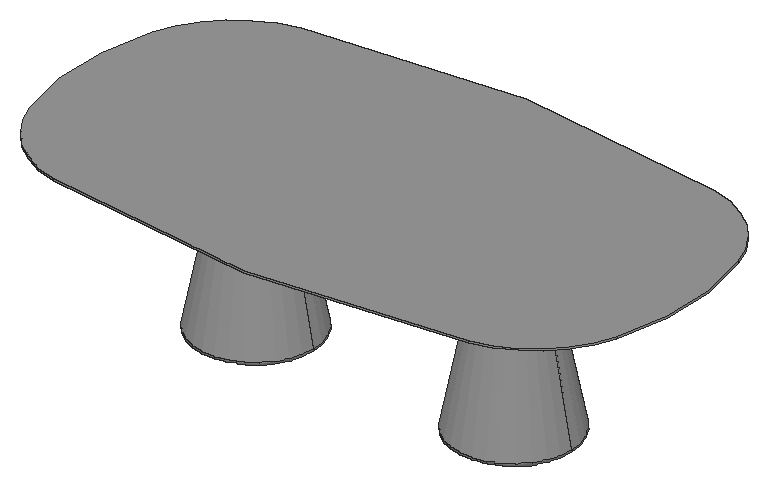
Revit family "Andreu World Reverse Conference ME5820", category Mobiliario, Revit 2014
Parameters (values of type "ME-5820 2600x1500 Ultramate TP")
  URL = "http://www.andreuworld.com/"
  Top Thickness = 30 mm
  Top Material = Andreu World Laminated Ultramate TP White
  Top Length = 2600 mm
  Top Base = 715 mm
  Top Width = 1500 mm
  Top = yes
  Reference = "ME-5820"
  R Base = 250 mm
  Modelo = "Reverse Conference"
  Height = 715 mm
  Fabricante = "Andreu World"
  Descripción = "Table"
  Base position = 690 mm
  Base Material = Andreu World Thermo-polymer White
  Base Height [instance] = 715 mm
Reference planes
  plane 1 "Centro (Frontal/Posterior)": y = 0
  plane 2: z = 0
  plane 3 "Base Height": z = 715
  plane 4: z = 510
  plane 5: z = 10
  plane 6 "Top thickness": z = 745
  plane 7: z = 738
  plane 8 "Glass": z = 750
  plane 9: x = 897.159
  plane 10: x = -402.841
  plane 11: y = 750
  plane 12: x = 2197.159
  plane 13: y = -750
  plane 14: y = 680
  plane 15: x = 2127.159
  plane 16: y = -680
  plane 17: x = -332.841
  plane 18: y = 359.163
  plane 19: y = -359.163
  plane 20: y = 289.163
  plane 21: y = -289.163
  plane 22: x = 347.159
  plane 23: x = 1447.159
Forms (mm)
  Revolve 1, solid, material "Andreu World Thermo-polymer White" <- "Base Material", detail levels medium+fine
    sketch origin (60, 0, 0) x (1, 0, 0) y (0, 0, 1)
      loop
        line (287.159, 715) -> (287.159, 0) -> (527.497, 0)
        arc (527.497, 0) -> (534.895, 3.506) -> (536.866, 11.451) r 9.558
        line (536.866, 11.451) -> (437.159, 510) -> (437.159, 715) -> (287.159, 715)
      axis (287.159, 715) -> (287.159, 0)
    angle from 0 to 360
  Extrusion 2, solid, material "Andreu World Laminated Ultramate TP White" <- "Top Material", visible <- "Top", detail levels medium+fine
    sketch origin (0, 0, 0) x (1, 0, 0) y (0, 1, 0)
      loop
        arc (28.96, 590.716) -> (-166.532, 491.281) -> (-285.245, 306.858) r 420
        arc (-285.245, 306.858) -> (-332.841, 0) -> (-285.245, -306.858) r 1012.971
        arc (-285.245, -306.858) -> (-166.532, -491.281) -> (28.96, -590.716) r 420
        arc (28.96, -590.716) -> (898.445, -679.998) -> (1767.618, -587.729) r 4208.049
        arc (1767.618, -587.729) -> (1962.972, -487.437) -> (2081.011, -302.265) r 420
        arc (2081.011, -302.265) -> (2127.159, 0) -> (2081.011, 302.265) r 1012.971
        arc (2081.011, 302.265) -> (1962.972, 487.437) -> (1767.618, 587.729) r 420
        arc (1767.618, 587.729) -> (898.445, 679.998) -> (28.96, 590.716) r 4208.049
    from 715 to 745
  Sweep 3, solid, material "Andreu World Laminated Ultramate TP White" <- "Top Material", visible <- "Top", detail levels medium+fine
    path in 3D
      loop
        arc (28.96, -590.716, 745) -> (-166.532, -491.281, 745) -> (-285.245, -306.858, 745) r 420
        arc (-285.245, -306.858, 745) -> (-332.841, 0, 745) -> (-285.245, 306.858, 745) r 1012.971
        arc (-285.245, 306.858, 745) -> (-166.532, 491.281, 745) -> (28.96, 590.716, 745) r 420
        arc (28.96, 590.716, 745) -> (898.445, 679.998, 745) -> (1767.618, 587.729, 745) r 4208.049
        arc (1767.618, 587.729, 745) -> (1962.972, 487.437, 745) -> (2081.011, 302.265, 745) r 420
        arc (2081.011, 302.265, 745) -> (2127.159, 0, 745) -> (2081.011, -302.265, 745) r 1012.971
        arc (2081.011, -302.265, 745) -> (1962.972, -487.437, 745) -> (1767.618, -587.729, 745) r 420
        arc (1767.618, -587.729, 745) -> (898.445, -679.998, 745) -> (28.96, -590.716, 745) r 4208.049
    profile origin (898.445, -679.998, 745) x (0.001718, -0.999999, 0) y (0, 0, 1)
      loop
        line (0, -30) -> (70, -7) -> (70, 0) -> (0, 0) -> (0, -30)
  Revolve 4, solid, material "Andreu World Thermo-polymer White" <- "Base Material", detail levels medium+fine
    sketch origin (1734.318, 0, 0) x (-1, 0, 0) y (0, 0, -1)
      loop
        line (287.159, -715) -> (437.159, -715) -> (437.159, -510) -> (536.866, -11.451)
        arc (536.866, -11.451) -> (534.895, -3.506) -> (527.497, 0) r 9.558
        line (527.497, 0) -> (287.159, 0) -> (287.159, -715)
      axis (287.159, -715) -> (287.159, 0)
    angle from 0 to 360
Cuts and joins
  joined: Extrusion 2, Sweep 3
Lines and regions (mm)
  model lines, detail levels coarse+medium
    curve 1: circle (347.159, 0, 0) r 250 normal (0, 0, 1)
    curve 18: circle (1447.159, 0, 0) r 250 normal (0, 0, -1)
  sketch lines
    curve 2: arc (1767.618, -587.729, 745) -> (898.445, -679.998, 745) -> (28.96, -590.716, 745) r 4208.049
    curve 3: arc (2081.011, -302.265, 745) -> (1962.972, -487.437, 745) -> (1767.618, -587.729, 745) r 420
    curve 4: arc (2081.011, 302.265, 745) -> (2127.159, 0, 745) -> (2081.011, -302.265, 745) r 1012.971
    curve 5: arc (1767.618, 587.729, 745) -> (1962.972, 487.437, 745) -> (2081.011, 302.265, 745) r 420
    curve 6: arc (28.96, 590.716, 745) -> (898.445, 679.998, 745) -> (1767.618, 587.729, 745) r 4208.049
    curve 7: arc (-285.245, 306.858, 745) -> (-166.532, 491.281, 745) -> (28.96, 590.716, 745) r 420
    curve 8: arc (-285.245, -306.858, 745) -> (-332.841, 0, 745) -> (-285.245, 306.858, 745) r 1012.971
    curve 9: arc (28.96, -590.716, 745) -> (-166.532, -491.281, 745) -> (-285.245, -306.858, 745) r 420
  model lines, visible <- "Top", detail levels coarse+medium
    curve 10: arc (1782.196, -656.194, 0) -> (898.565, -749.998, 0) -> (14.617, -659.231, 0) r 4278.049
    curve 11: arc (14.617, -659.231, 0) -> (-217.19, -539.817, 0) -> (-354.917, -318.401, 0) r 490
    curve 12: arc (-354.917, -318.401, 0) -> (-402.787, 0, 0) -> (-354.917, 318.401, 0) r 1082.854
    curve 13: arc (2147.822, -323.152, 0) -> (2010.11, -539.186, 0) -> (1782.196, -656.194, 0) r 490
    curve 14: arc (2147.822, 323.152, 0) -> (2197.159, 0, 0) -> (2147.822, -323.152, 0) r 1082.971
    curve 15: arc (1782.196, 656.194, 0) -> (2010.11, 539.186, 0) -> (2147.822, 323.152, 0) r 490
    curve 16: arc (14.617, 659.231, 0) -> (898.565, 749.998, 0) -> (1782.196, 656.194, 0) r 4278.049
    curve 17: arc (-354.917, 318.401, 0) -> (-217.19, 539.817, 0) -> (14.617, 659.231, 0) r 490
Dimensions and locks
  locked: plane 5 to level at 10
  "Height": plane 3 "Base Height" to level
  plane 3 "Base Height" to plane 4 = 205 mm
  "Top Thickness": plane 6 "Top thickness" to plane 3 "Base Height"
  locked: plane 6 "Top thickness" to plane 7 at 7
  plane 8 "Glass" to plane 6 "Top thickness" = 5 mm
  "Top Width": plane 11 to plane 13
  equal spacing: plane 11, plane 1 "Centro (Frontal/Posterior)", plane 13
  "Top Length": plane 10 to plane 12
  equal spacing: plane 10, plane 9, plane 12
  locked: plane 10 to plane 17 at 70
  locked: plane 15 to plane 12 at 70
  locked: plane 16 to plane 13 at 70
  locked: plane 11 to plane 14 at 70
  "Base Height": plane 3 "Base Height" to level
  plane 19 to plane 18 = 718.327 mm
  equal spacing: plane 19, plane 1 "Centro (Frontal/Posterior)", plane 18
  locked: plane 19 to plane 21 at 70
  locked: plane 20 to plane 18 at 70
  plane 10 to plane 22 = 750 mm
  plane 12 to plane 23 = 750 mm
  "R Base": radius of curve 1
  "R Base": radius of curve 18
  aligned and locked: level to plane 2
  aligned and locked: plane 3 "Base Height" to Revolve 1 sketch curve
  aligned and locked: Revolve 1 sketch curve to level
  aligned and locked: Revolve 1 sketch curve to Revolve 1 sketch curve
  aligned and locked: Extrusion 2 to plane 3 "Base Height"
  aligned and locked: Sweep 3 sketch curve to profile plane  (x2)
  aligned and locked: curve 10 to cut or joined group of Extrusion 2, Sweep 3
  aligned and locked: curve 11 to cut or joined group of Extrusion 2, Sweep 3
  aligned and locked: curve 13 to cut or joined group of Extrusion 2, Sweep 3
  aligned and locked: curve 14 to cut or joined group of Extrusion 2, Sweep 3
  aligned and locked: curve 15 to cut or joined group of Extrusion 2, Sweep 3
  aligned and locked: curve 16 to cut or joined group of Extrusion 2, Sweep 3
  aligned and locked: curve 17 to cut or joined group of Extrusion 2, Sweep 3
  aligned and locked: Revolve 4 sketch curve to Revolve 4 sketch curve
Automatic sketch dimensions
  plane 1 "Centro (Frontal/Posterior)" to curve 1 = 0 mm
  curve 1 to plane 22 = 0 mm
  plane 1 "Centro (Frontal/Posterior)" to curve 12 = 0 mm
  plane 1 "Centro (Frontal/Posterior)" to curve 18 = 0 mm
  curve 18 to plane 23 = 0 mm
  curve 12 to plane 9 = 217.091 mm
  curve 12 to plane 17 = 22.077 mm
  plane 22 to Revolve 1 sketch curve = 0 mm
  Revolve 1 sketch curve to plane 4 = 0 mm
  Revolve 1 sketch curve to level = 0 mm
  Revolve 1 sketch curve to plane 3 "Base Height" = 0 mm
  Revolve 1 sketch curve to plane 22 = 150 mm
  Revolve 1 sketch curve to Revolve 1 sketch curve = 240.338 mm
  plane 5 to Revolve 1 sketch curve = 1.451 mm
  Revolve 1 sketch curve to Revolve 1 sketch curve = 9.369 mm
  plane 1 "Centro (Frontal/Posterior)" to Extrusion 2 sketch curve = 0 mm  (x2)
  Extrusion 2 sketch curve to plane 21 = 109.535 mm
  plane 22 to Extrusion 2 sketch curve = 232.138 mm  (x2)
  plane 20 to Extrusion 2 sketch curve = 109.535 mm
  Extrusion 2 sketch curve to plane 9 = 217.029 mm
  Extrusion 2 sketch curve to plane 9 = 5.944 mm  (x2)
  plane 9 to Extrusion 2 sketch curve = 217.029 mm
  Extrusion 2 sketch curve to plane 21 = 112.224 mm
  plane 23 to Extrusion 2 sketch curve = 232.986 mm  (x2)
  plane 20 to Extrusion 2 sketch curve = 112.224 mm
  Extrusion 2 sketch curve to plane 13 = 2778.045 mm
  plane 11 to Extrusion 2 sketch curve = 2778.045 mm
  Extrusion 2 sketch curve to plane 14 = 89.284 mm
  Extrusion 2 sketch curve to Extrusion 2 sketch curve = 0 mm  (x6)
  Extrusion 2 sketch curve to plane 16 = 89.284 mm
  Sweep 3 sketch curve to profile plane = 7 mm
  Sweep 3 sketch curve to profile plane = 70 mm
  Sweep 3 sketch curve to profile plane = 30 mm
  Revolve 4 sketch curve to plane 3 "Base Height" = 0 mm  (x2)
  Revolve 4 sketch curve to plane 23 = 0 mm
  Revolve 4 sketch curve to plane 4 = 0 mm
  Revolve 4 sketch curve to level = 0 mm  (x2)
  Revolve 4 sketch curve to plane 23 = 150 mm
  Revolve 4 sketch curve to Revolve 4 sketch curve = 240.338 mm
  plane 5 to Revolve 4 sketch curve = 1.451 mm
  Revolve 4 sketch curve to Revolve 4 sketch curve = 9.369 mm
